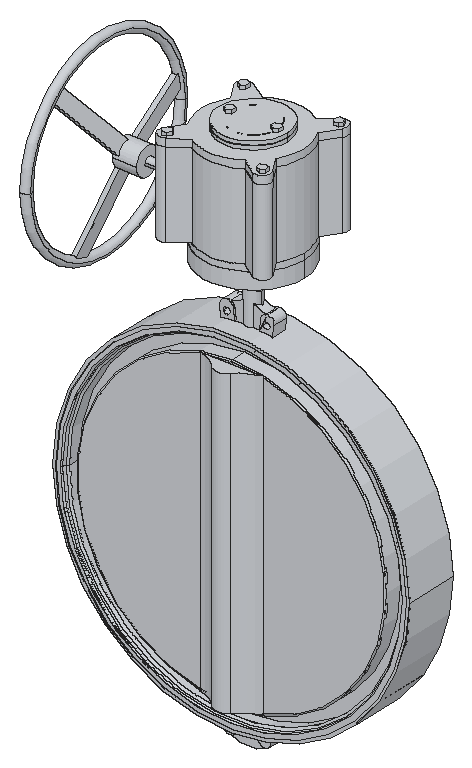
Revit family "R59WX035", category Plumbing Fixtures, Revit 2015
Reference planes
  plane 1 "Center (Front/Back)": y = 0
  plane 2: z = 0
  plane 3 "Center (Left/Right)": x = 0
  plane 4: z = 368
  plane 5: z = 565
  plane 6: z = 187
  plane 7: z = -280
  plane 8: z = -30
  plane 9: z = 416.668
  plane 10: z = -30
  plane 11: y = -17.262
  plane 12: y = 17.262
  plane 13: x = -75
  plane 14: x = 75
  plane 15: z = 529
  plane 16: x = 226
  plane 17: y = -39.787
  plane 18: y = 38.213
  plane 19: z = 344
  plane 20: x = -226
  plane 21: z = 268
Forms (mm)
  Extrusion 1, solid
    sketch origin (0, 0, 350.391) x (1, 0, 0) y (0, 1, 0)
      loop
        circle (0, 0) r 75
    from -6.391 to 17.609
  Extrusion 2, solid
    sketch origin (0, 0, -76.95) x (1, 0, 0) y (0, 1, 0)
      loop
        circle (0, 0) r 12
    from 334.151 to 420.95
  Revolve 3, solid
    sketch origin (0, 0, 0) x (0, 1, 0) y (0, 0, 1)
      loop
        line (-15, -255.688) -> (15, -255.688) -> (15, -226.679) -> (36.486, -226.679)
        arc (36.486, -226.679) -> (37.707, -226.173) -> (38.213, -224.951) r 1.728
        line (38.213, -224.951) -> (38.213, 0) -> (-39.787, 0) -> (-39.787, -224.951)
        arc (-39.787, -224.951) -> (-39.281, -226.173) -> (-38.059, -226.679) r 1.728
        line (-38.059, -226.679) -> (-15, -226.679) -> (-15, -255.688)
      axis (38.213, 0) -> (-39.787, 0)
    angle from 0 to 360
  Extrusion 4, solid
    sketch origin (-22.57, 0, 197.008) x (0.933413, 0, -0.358805) y (0.358805, 0, 0.933413)
      loop
        line (-18.251, 60.114) -> (-25.459, 74.264)
        arc (-25.459, 74.264) -> (-38.908, 78.635) -> (-43.28, 65.186) r 10
        line (-43.28, 65.186) -> (-36.072, 51.036) -> (-18.251, 60.114)
      loop
        circle (-32.1, 65.269) r 5
    from -10.991 to 11.009
  Extrusion 5, solid
    sketch origin (43.896, -132.284, 377.391) x (-0.707107, -0.707107, 0) y (0.707107, -0.707107, 0)
      loop
        line (6.619, -122.207) -> (1.336, -117.615) -> (-5.283, -119.894) -> (-6.619, -126.765) -> (-1.336, -131.358) -> (5.283, -129.079) -> (6.619, -122.207)
    from 0 to 3.746
  Extrusion 6, solid
    sketch origin (43.896, -132.284, 356.391) x (-0.707107, -0.707107, 0) y (0.707107, -0.707107, 0)
      loop
        circle (0, -124.486) r 3
    from -19.526 to 21
  Extrusion 7, solid
    sketch origin (43.896, -132.284, 343) x (-0.707107, -0.707107, 0) y (0.707107, -0.707107, 0)
      loop
        line (3.99, -123.113) -> (0.805, -120.344) -> (-3.184, -121.718) -> (-3.99, -125.86) -> (-0.805, -128.628) -> (3.184, -127.254) -> (3.99, -123.113)
      loop
        line (-3.444, -125.672) -> (-0.695, -128.061) -> (2.749, -126.876) -> (3.444, -123.301) -> (0.695, -120.911) -> (-2.749, -122.097) -> (-3.444, -125.672)
    from -1.968 to 1
  Extrusion 8, solid
    sketch origin (49.205, -126.837, 400.966) x (-0.707107, -0.707107, 0) y (0.707107, -0.707107, 0)
      loop
        line (-72.612, -197.364) -> (-66.378, -226.689)
        arc (-66.378, -226.689) -> (-54.895, -235.989) -> (-43.411, -226.689) r 11.74
        line (-43.411, -226.689) -> (-37.178, -197.364)
        arc (-37.178, -197.364) -> (-1.863, -177.521) -> (17.982, -142.207) r 75
        line (17.982, -142.207) -> (47.326, -135.97)
        arc (47.326, -135.97) -> (56.625, -124.486) -> (47.326, -113.003) r 11.74
        line (47.326, -113.003) -> (17.984, -106.766)
        arc (17.984, -106.766) -> (-1.859, -71.447) -> (-37.176, -51.6) r 75
        line (-37.176, -51.6) -> (-43.411, -22.265)
        arc (-43.411, -22.265) -> (-54.895, -12.966) -> (-66.378, -22.265) r 11.74
        line (-66.378, -22.265) -> (-72.614, -51.6)
        arc (-72.614, -51.6) -> (-107.928, -71.444) -> (-127.772, -106.758) r 75
        line (-127.772, -106.758) -> (-157.107, -112.994)
        arc (-157.107, -112.994) -> (-166.406, -124.477) -> (-157.107, -135.961) r 11.74
        line (-157.107, -135.961) -> (-127.774, -142.196)
        arc (-127.774, -142.196) -> (-107.931, -177.517) -> (-72.612, -197.364) r 75
    from -23.575 to 101.703
  Sweep 9, solid
    path origin (0, 0, 0) x (1, 0, 0) y (0, 0, 1)
      loop
        circle (0, 0) r 261
    profile origin (0, 0, -261) x (0, 0, 1) y (0, -1, 0)
      loop
        line (16.683, -29.145) -> (16.683, 30.718) -> (13.454, 33.947) -> (12.517, 37.445) -> (10.888, 39.787) -> (0.625, 39.787) -> (0.625, -38.213) -> (10.888, -38.213) -> (12.517, -35.871) -> (13.454, -32.374) -> (16.683, -29.145)
  Extrusion 10, solid
    sketch origin (0, 0, 199.34) x (1, 0, 0) y (0, 0, 1)
      loop
        line (-17.861, 60.016) -> (17.861, 60.016) -> (28.73, 84.437)
        arc (28.73, 84.437) -> (11.524, 89.232) -> (0.632, 103.389) r 28.254
        arc (0.632, 103.389) -> (-10.807, 88.872) -> (-28.773, 84.532) r 28.254
        line (-28.773, 84.532) -> (-17.861, 60.016)
    from -7.881 to 9.454
  Sweep 11, solid
    path origin (-0.002, 0, 0) x (1, 0, 0) y (0, 0, 1)
      loop
        circle (0, 0) r 261
    profile origin (-0.002, 0, -261) x (0, 0, 1) y (0, -1, 0)
      loop
        line (0, 39.787) -> (0, -38.213) -> (3.927, -38.213) -> (3.927, 39.787) -> (0, 39.787)
  Extrusion 12, solid
    sketch origin (-16.923, 0, -197.574) x (-0.843784, 0, 0.536683) y (-0.536683, 0, -0.843784)
      loop
        line (-18.251, 60.114) -> (-25.459, 74.264)
        arc (-25.459, 74.264) -> (-38.908, 78.635) -> (-43.28, 65.186) r 10
        line (-43.28, 65.186) -> (-36.072, 51.036) -> (-18.251, 60.114)
      loop
        circle (-32.1, 65.269) r 5
    from -10.991 to 11.009
  Extrusion 13, solid
    sketch origin (22.57, 0, 197.008) x (-0.933413, 0, -0.358805) y (-0.358805, 0, 0.933413)
      loop
        line (-18.251, 60.114) -> (-25.459, 74.264)
        arc (-25.459, 74.264) -> (-38.908, 78.635) -> (-43.28, 65.186) r 10
        line (-43.28, 65.186) -> (-36.072, 51.036) -> (-18.251, 60.114)
      loop
        circle (-32.1, 65.269) r 5
    from -10.991 to 11.009
  Extrusion 14, solid
    sketch origin (16.923, 0, -197.574) x (0.843784, 0, 0.536683) y (0.536683, 0, -0.843784)
      loop
        line (-18.251, 60.114) -> (-25.459, 74.264)
        arc (-25.459, 74.264) -> (-38.908, 78.635) -> (-43.28, 65.186) r 10
        line (-43.28, 65.186) -> (-36.072, 51.036) -> (-18.251, 60.114)
      loop
        circle (-32.1, 65.269) r 5
    from -10.991 to 11.009
  Extrusion 15, solid
    sketch origin (0, 0, -200.277) x (1, 0, 0) y (0, 0, 1)
      loop
        line (-13.666, -59.525) -> (-25.05, -85.101)
        arc (-25.05, -85.101) -> (-18.756, -87.409) -> (-12.729, -90.346) r 65.798
        line (-12.729, -90.346) -> (12.729, -90.346)
        arc (12.729, -90.346) -> (18.712, -87.428) -> (24.958, -85.129) r 65.798
        line (24.958, -85.129) -> (13.562, -59.525) -> (-13.666, -59.525)
    from -7.881 to 9.454
  Extrusion 16, solid
    sketch origin (132.284, 43.896, 377.391) x (0.707107, -0.707107, 0) y (0.707107, 0.707107, 0)
      loop
        line (6.619, -122.207) -> (1.336, -117.615) -> (-5.283, -119.894) -> (-6.619, -126.765) -> (-1.336, -131.358) -> (5.283, -129.079) -> (6.619, -122.207)
    from 0 to 3.746
  Extrusion 17, solid
    sketch origin (132.284, 43.896, 356.391) x (0.707107, -0.707107, 0) y (0.707107, 0.707107, 0)
      loop
        circle (0, -124.486) r 3
    from -19.526 to 21
  Extrusion 18, solid
    sketch origin (132.284, 43.896, 343) x (0.707107, -0.707107, 0) y (0.707107, 0.707107, 0)
      loop
        line (3.99, -123.113) -> (0.805, -120.344) -> (-3.184, -121.718) -> (-3.99, -125.86) -> (-0.805, -128.628) -> (3.184, -127.254) -> (3.99, -123.113)
      loop
        line (-3.444, -125.672) -> (-0.695, -128.061) -> (2.749, -126.876) -> (3.444, -123.301) -> (0.695, -120.911) -> (-2.749, -122.097) -> (-3.444, -125.672)
    from -1.968 to 1
  Extrusion 19, solid
    sketch origin (-43.896, 132.284, 377.391) x (0.707107, 0.707107, 0) y (-0.707107, 0.707107, 0)
      loop
        line (6.619, -122.207) -> (1.336, -117.615) -> (-5.283, -119.894) -> (-6.619, -126.765) -> (-1.336, -131.358) -> (5.283, -129.079) -> (6.619, -122.207)
    from 0 to 3.746
  Extrusion 20, solid
    sketch origin (-43.896, 132.284, 356.391) x (0.707107, 0.707107, 0) y (-0.707107, 0.707107, 0)
      loop
        circle (0, -124.486) r 3
    from -19.526 to 21
  Extrusion 21, solid
    sketch origin (-43.896, 132.284, 343) x (0.707107, 0.707107, 0) y (-0.707107, 0.707107, 0)
      loop
        line (3.99, -123.113) -> (0.805, -120.344) -> (-3.184, -121.718) -> (-3.99, -125.86) -> (-0.805, -128.628) -> (3.184, -127.254) -> (3.99, -123.113)
      loop
        line (-3.444, -125.672) -> (-0.695, -128.061) -> (2.749, -126.876) -> (3.444, -123.301) -> (0.695, -120.911) -> (-2.749, -122.097) -> (-3.444, -125.672)
    from -1.968 to 1
  Extrusion 22, solid
    sketch origin (-132.284, -43.896, 377.391) x (-0.707107, 0.707107, 0) y (-0.707107, -0.707107, 0)
      loop
        line (6.619, -122.207) -> (1.336, -117.615) -> (-5.283, -119.894) -> (-6.619, -126.765) -> (-1.336, -131.358) -> (5.283, -129.079) -> (6.619, -122.207)
    from 0 to 3.746
  Extrusion 23, solid
    sketch origin (-132.284, -43.896, 356.391) x (-0.707107, 0.707107, 0) y (-0.707107, -0.707107, 0)
      loop
        circle (0, -124.486) r 3
    from -19.526 to 21
  Extrusion 24, solid
    sketch origin (-132.284, -43.896, 343) x (-0.707107, 0.707107, 0) y (-0.707107, -0.707107, 0)
      loop
        line (3.99, -123.113) -> (0.805, -120.344) -> (-3.184, -121.718) -> (-3.99, -125.86) -> (-0.805, -128.628) -> (3.184, -127.254) -> (3.99, -123.113)
      loop
        line (-3.444, -125.672) -> (-0.695, -128.061) -> (2.749, -126.876) -> (3.444, -123.301) -> (0.695, -120.911) -> (-2.749, -122.097) -> (-3.444, -125.672)
    from -1.968 to 1
  Extrusion 25, solid
    sketch origin (-18.263, 157.917, 513.616) x (0.707107, 0.707107, 0) y (-0.707107, 0.707107, 0)
      loop
        line (6.619, -122.207) -> (1.336, -117.615) -> (-5.283, -119.894) -> (-6.619, -126.765) -> (-1.336, -131.358) -> (5.283, -129.079) -> (6.619, -122.207)
    from 0 to 4.617
  Extrusion 26, solid
    sketch origin (-18.263, 157.917, 399.045) x (0.707107, 0.707107, 0) y (-0.707107, 0.707107, 0)
      loop
        circle (0, -124.486) r 3
    from 66.681 to 114.571
  Extrusion 27, solid
    sketch origin (157.917, 18.263, 513.616) x (0.707107, -0.707107, 0) y (0.707107, 0.707107, 0)
      loop
        line (6.619, -122.207) -> (1.336, -117.615) -> (-5.283, -119.894) -> (-6.619, -126.765) -> (-1.336, -131.358) -> (5.283, -129.079) -> (6.619, -122.207)
    from 0 to 4.617
  Extrusion 28, solid
    sketch origin (157.917, 18.263, 399.045) x (0.707107, -0.707107, 0) y (0.707107, 0.707107, 0)
      loop
        circle (0, -124.486) r 3
    from 66.681 to 114.571
  Extrusion 29, solid
    sketch origin (18.263, -157.917, 513.616) x (-0.707107, -0.707107, 0) y (0.707107, -0.707107, 0)
      loop
        line (6.619, -122.207) -> (1.336, -117.615) -> (-5.283, -119.894) -> (-6.619, -126.765) -> (-1.336, -131.358) -> (5.283, -129.079) -> (6.619, -122.207)
    from 0 to 4.617
  Extrusion 30, solid
    sketch origin (18.263, -157.917, 399.045) x (-0.707107, -0.707107, 0) y (0.707107, -0.707107, 0)
      loop
        circle (0, -124.486) r 3
    from 66.681 to 114.571
  Extrusion 31, solid
    sketch origin (-157.917, -18.263, 513.616) x (-0.707107, 0.707107, 0) y (-0.707107, -0.707107, 0)
      loop
        line (6.619, -122.207) -> (1.336, -117.615) -> (-5.283, -119.894) -> (-6.619, -126.765) -> (-1.336, -131.358) -> (5.283, -129.079) -> (6.619, -122.207)
    from 0 to 4.617
  Extrusion 32, solid
    sketch origin (-157.917, -18.263, 399.045) x (-0.707107, 0.707107, 0) y (-0.707107, -0.707107, 0)
      loop
        circle (0, -124.486) r 3
    from 66.681 to 114.571
  Extrusion 33, solid
    sketch origin (0, 0, 365.272) x (1, 0, 0) y (0, 1, 0)
      loop
        circle (0, 0) r 75
    from 2.728 to 12.119
  Extrusion 34, solid
    sketch origin (4.994, 0, 18.668) x (0, 1, 0) y (0, 0, -1)
      loop
        circle (0, -398) r 6
    from 74.348 to 159.191
  Sweep 35, solid
    path origin (-218.819, 0, 7.896) x (0, 1, 0) y (0, 0, -1)
      loop
        circle (0, -408.772) r 141.5
    profile origin (-218.819, 0, 558.168) x (0, 0, 1) y (-1, 0, 0)
      loop
        circle (0, 0) r 7
  Extrusion 36, solid
    sketch origin (12.181, 0, 18.668) x (0, 1, 0) y (0, 0, -1)
      loop
        circle (0, -398) r 20
    from 166.378 to 201.654
  Extrusion 37, solid
    sketch origin (4.85, -183.808, 258.176) x (0.99993, -0.011806, -0.000135) y (0.007589, 0.651478, -0.758629)
      loop
        line (-182.932, 4.168) -> (-189.521, 6.043) -> (-227.758, -137.508) -> (-221.17, -139.383) -> (-182.932, 4.168)
    from 230.215 to 251.867
  Extrusion 38, solid
    sketch origin (-122.734, -88.025, 524.383) x (-0.707107, 0.707107, 0) y (-0.707107, -0.707107, 0)
      loop
        line (6.619, -122.207) -> (1.336, -117.615) -> (-5.283, -119.894) -> (-6.619, -126.765) -> (-1.336, -131.358) -> (5.283, -129.079) -> (6.619, -122.207)
    from 0 to 4.617
  Extrusion 39, solid
    sketch origin (-122.734, -88.025, 409.811) x (-0.707107, 0.707107, 0) y (-0.707107, -0.707107, 0)
      loop
        circle (0, -124.486) r 3
    from 66.681 to 114.571
  Extrusion 40, solid
    sketch origin (122.679, -51.499, 524.383) x (0.707107, -0.707107, 0) y (0.707107, 0.707107, 0)
      loop
        line (-96.38, -19.209) -> (-103.251, -20.545) -> (-105.53, -27.163) -> (-100.938, -32.446) -> (-94.066, -31.111) -> (-91.787, -24.492) -> (-96.38, -19.209)
    from 0 to 4.617
  Extrusion 41, solid
    sketch origin (-122.734, -88.025, 409.811) x (-0.707107, 0.707107, 0) y (-0.707107, -0.707107, 0)
      loop
        circle (-49.047, -173.533) r 3
    from 66.681 to 114.571
  Extrusion 42, solid
    sketch origin (0, 12.782, 0) x (1, 0, 0) y (0, 1, 0)
      loop
        line (-45.752, 26.413) -> (45.661, 26.413)
        arc (45.661, 26.413) -> (27.976, 32.661) -> (13.756, 44.892) r 50.889
        arc (13.756, 44.892) -> (-0.248, 51.523) -> (-14.1, 44.579) r 17.686
        arc (-14.1, 44.579) -> (-28.242, 32.561) -> (-45.752, 26.413) r 50.889
    from -222.349 to 222.323
  Extrusion 43, solid
    sketch origin (49.205, -126.837, 529.245) x (-0.707107, -0.707107, 0) y (0.707107, -0.707107, 0)
      loop
        line (-72.612, -197.364) -> (-66.378, -226.689)
        arc (-66.378, -226.689) -> (-54.895, -235.989) -> (-43.411, -226.689) r 11.74
        line (-43.411, -226.689) -> (-37.178, -197.364)
        arc (-37.178, -197.364) -> (-1.863, -177.521) -> (17.982, -142.207) r 75
        line (17.982, -142.207) -> (47.326, -135.97)
        arc (47.326, -135.97) -> (56.625, -124.486) -> (47.326, -113.003) r 11.74
        line (47.326, -113.003) -> (17.984, -106.766)
        arc (17.984, -106.766) -> (-1.859, -71.447) -> (-37.176, -51.6) r 75
        line (-37.176, -51.6) -> (-43.411, -22.265)
        arc (-43.411, -22.265) -> (-54.895, -12.966) -> (-66.378, -22.265) r 11.74
        line (-66.378, -22.265) -> (-72.614, -51.6)
        arc (-72.614, -51.6) -> (-107.928, -71.444) -> (-127.772, -106.758) r 75
        line (-127.772, -106.758) -> (-157.107, -112.994)
        arc (-157.107, -112.994) -> (-166.406, -124.477) -> (-157.107, -135.961) r 11.74
        line (-157.107, -135.961) -> (-127.774, -142.196)
        arc (-127.774, -142.196) -> (-107.931, -177.517) -> (-72.612, -197.364) r 75
    from -26.575 to -15.629
  Extrusion 44, solid
    sketch origin (0, 0, 512.256) x (1, 0, 0) y (0, 1, 0)
      loop
        circle (0, 0) r 50
    from 1.36 to 6.196
  Extrusion 45, solid
    sketch origin (0, 0, 519.887) x (1, 0, 0) y (0, 1, 0)
      loop
        circle (0, 0) r 50
    from 0.001 to 5
  Extrusion 46, solid
    sketch origin (0, 0, 514.888) x (1, 0, 0) y (0, 1, 0)
      loop
        circle (0, 0) r 30
    from 0.001 to 5
  Blend 47, solid
    base sketch origin (0, 0, 238.278) x (1, 0, 0) y (0, 1, 0)
      loop
        circle (0, 0) r 42
    top sketch origin (0, 0, 0) x (1, 0, 0) y (0, 1, 0)
      loop
        circle (0, 0) r 35
    from 275.96 to 524.647
  Extrusion 48, solid
    sketch origin (0, -13.374, 0) x (1, 0, 0) y (0, 1, 0)
      loop
        arc (-45.752, -26.413) -> (-28.242, -32.561) -> (-14.1, -44.579) r 50.889
        arc (-14.1, -44.579) -> (-0.248, -51.523) -> (13.756, -44.892) r 17.686
        arc (13.756, -44.892) -> (27.976, -32.661) -> (45.661, -26.413) r 50.889
        line (45.661, -26.413) -> (-45.752, -26.413)
    from -222.349 to 222.323
  Extrusion 49, solid
    sketch origin (4.85, 229.162, 336.731) x (0.99993, 0.00602, -0.010157) y (0.007589, 0.331253, 0.943511)
      loop
        line (-182.932, 4.168) -> (-189.521, 6.043) -> (-227.758, -137.508) -> (-221.17, -139.383) -> (-182.932, 4.168)
    from 230.215 to 251.867
  Extrusion 50, solid
    sketch origin (4.85, -45.354, 655.096) x (0.99993, 0.005786, 0.010292) y (0.007589, -0.982731, -0.184882)
      loop
        line (-182.932, 4.168) -> (-189.521, 6.043) -> (-227.758, -137.508) -> (-221.17, -139.383) -> (-182.932, 4.168)
    from 230.215 to 251.867
Dimensions and locks
  locked: plane 2 to plane 4 at 368
  locked: level to plane 5 at 565
  locked: plane 7 to level at 280
  locked: plane 18 to plane 17 at 78
  locked: plane 19 to plane 4 at 24
  plane 16 to plane 3 "Center (Left/Right)" = 226 mm
  locked: plane 13 to plane 14 at 150
  locked: plane 4 to plane 15 at 161
  locked: plane 3 "Center (Left/Right)" to plane 20 at 226
  locked: plane 21 to plane 5 at 297
  aligned and locked: level to plane 2
